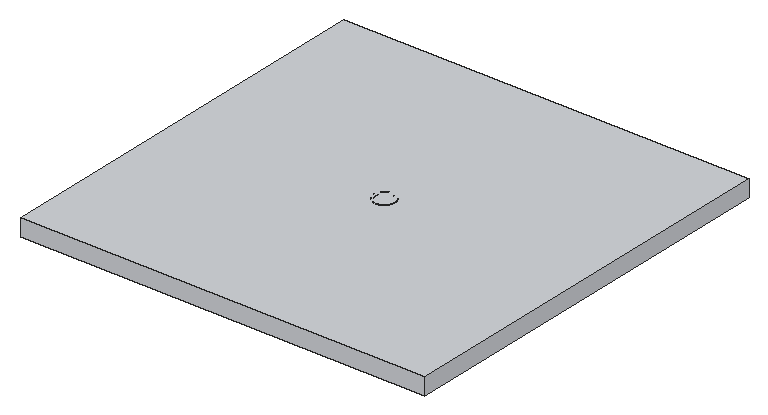
Revit family
Parameters (values of type "2"")
  URL = "WWW.MIFAB.COM"
  Strainer Diameter = 5.00"
  Strainer Adjustment [instance] = 1.91"
  Pipe Radius = Pipe Diameter / 2  # 1.00"
  Pipe Diameter = 2.00"
  Model = "F1160C"
  Material = Floor Drains
  Manufacturer = "MIFAB"
  L1 [instance] = 3.75"
  Description = "PRISON CELL FLOOR DRAIN"
  Default Elevation = 48.00"
  Connector Distance = 6.00"
Types (3): name | Pipe Radius | Pipe Diameter
  (no name) | 1.00" | 2.00"
  2" | 1.00" | 2.00"
  3" | 1.50" | 3.00"
Reference planes (in)
  plane 1 "Center (Front/Back)": y = 0
  plane 2: z = 0
  plane 3 "Center (Left/Right)": x = 0
  plane 4: y = 2.5
  plane 5: y = -2.5
  plane 6: z = -9.50625
  plane 7: z = -5.66
  plane 8: z = -4.66
  plane 9: z = -6.66
  plane 10: x = -2.85
  plane 11: x = 2.85
  plane 12: x = -2.5
  plane 13: x = 2.5
  plane 14: x = -4.025
  plane 15: x = 4.025
  plane 16: x = -3.2625
  plane 17: x = 3.2625
  plane 18: z = -3.5813
  plane 19: x = 6
  plane 20: x = -3.2625
  plane 21: z = -1.90625
  plane 22: z = -1.91
Forms (in)
  Extrusion 1, solid
    sketch origin (0, 0, 0) x (1, 0, 0) y (0, 1, 0)
      loop
        line (-48, 48) -> (-48, -48) -> (48, -48) -> (48, 48) -> (-48, 48)
    from 0 to -4
  Revolve 2, solid, material "Floor Drains" <- "Material"
    sketch origin (0, 0, 0) x (1, 0, 0) y (0, 0, 1)
      loop
        line (-2.7445, -9.50625) -> (0, -9.50625) -> (0, -9.25625) -> (-2.61518, -9.25625) -> (-3.21554, -2.12) -> (-2.37, -2.12) -> (-2.37, -1.91) -> (-4.025, -1.91) -> (-4.025, -2.12) -> (-3.34214, -2.12) -> (-2.85528, -9.40088)
        arc (-2.85528, -9.40088) -> (-2.82095, -9.4757) -> (-2.7445, -9.50625) r 0.11092
      axis (0, -1.91) -> (0, -9.50625)
    angle from 0 to 360
  Revolve 3, solid, material "Floor Drains" <- "Material"
    sketch origin (0, 0, 0) x (1, 0, 0) y (0, 0, 1)
      loop
        line (2.5, -4.66) -> (6, -4.66) -> (6, -4.51) -> (2.5, -4.51) -> (2.5, -4.66)
      axis (2.5, -5.66) -> (6, -5.66)
    angle from 0 to 360
  Revolve 4, solid, material "Floor Drains" <- "Material"
    sketch origin (0, 0, 0) x (1, 0, 0) y (0, 0, 1)
      loop
        line (-4.025, -1.91) -> (-2.37, -1.91) -> (-2.37, -0.5) -> (-2.01441, -0.2947) -> (-2.01441, -0.15138) -> (0, -0.15138) -> (0, 0) -> (-2.5, 0) -> (-2.5, -0.15138) -> (-2.45, -0.15138) -> (-2.45, -1) -> (-2.55, -1) -> (-2.55, -1.67813) -> (-4.025, -1.67813) -> (-4.025, -1.91)
      axis (0, 0) -> (0, -1.91)
    angle from 0 to 360
  Revolve 5, void
    sketch origin (0, 0, 0) x (1, 0, 0) y (0, 0, 1)
      loop
        line (2.5, -5.66) -> (6, -5.66) -> (6, -4.66) -> (2.5, -4.66) -> (2.5, -5.66)
      axis (2.5, -5.66) -> (6, -5.66)
    angle from 0 to 360
Cuts and joins
  Revolve 5 cuts Revolve 2
  joined: Revolve 2, Revolve 3
Dimensions and locks (in)
  equal spacing: plane 4, plane 1 "Center (Front/Back)", plane 5
  equal spacing: plane 8, plane 7, plane 9
  "Pipe Diameter": plane 8 to plane 9
  equal spacing: plane 11, plane 3 "Center (Left/Right)", plane 10
  locked: plane 11 to plane 10 at 5.7
  equal spacing: plane 13, plane 3 "Center (Left/Right)", plane 12
  "Strainer Diameter": plane 13 to plane 12
  equal spacing: plane 14, plane 3 "Center (Left/Right)", plane 15
  locked: plane 14 to plane 15 at 8.05
  equal spacing: plane 14, plane 16, plane 12
  equal spacing: plane 13, plane 17, plane 15
  plane 18 to plane 8 = 1.0787"
  "Connector Distance": plane 19 to plane 3 "Center (Left/Right)"
  equal spacing: plane 14, plane 20, plane 12
  locked: plane 21 to plane 6 at 7.6
  locked: Revolve 4 sketch curve to Revolve 4 sketch curve at 0.23187
  Revolve 4 to cut or joined group of Revolve 2, Revolve 3, Revolve 5 = 0.21"
  Revolve 4 to Revolve 2 sketch curve = 0.21"
  "Strainer Adjustment": Extrusion 1 to plane 22
  "L1": plane 22 to plane 7
  Revolve 3 sketch curve to plane 8 = 0.15"
  plane 3 "Center (Left/Right)" to Revolve 2 sketch curve to Revolve 2 sketch curve to Revolve 2 sketch curve to Revolve 2 sketch curve = 2.37", 0.84554", 0.1266", 0.68286"
  Extrusion 1 to Revolve 4 sketch curve = 1.00"
  Revolve 4 sketch curve to Revolve 4 sketch curve to plane 12 to Revolve 4 sketch curve = 0.43559", 0.05", 0.05"
  aligned and locked: plane 2 to Extrusion 1
  aligned and locked: level to Extrusion 1
  aligned and locked: Revolve 3 sketch curve to plane 19
  aligned and locked: Revolve 3 sketch curve to plane 13
  aligned and locked: Revolve 2 sketch curve to plane 3 "Center (Left/Right)"
  aligned and locked: Revolve 2 sketch curve to Revolve 2 sketch curve  (x2)
  aligned and locked: plane 1 "Center (Front/Back)" to nested 1
  aligned and locked: plane 14 to Revolve 4 sketch curve
  aligned: cut or joined group of Revolve 2, Revolve 3, Revolve 5 to plane 21
  aligned: Revolve 4 to nested 2
  aligned: nested 2 to Revolve 4
  aligned: Revolve 4 to nested 3
  aligned: Revolve 4 to nested 1
  aligned: Revolve 4 to plane 22
  aligned and locked: Revolve 4 sketch curve to plane 22
  aligned and locked: Revolve 4 to plane 22
  aligned and locked: Revolve 2 sketch curve to Revolve 4
  aligned and locked: plane 7 to Revolve 5 sketch curve
  aligned and locked: plane 8 to Revolve 5 sketch curve
  aligned and locked: Revolve 5 sketch curve to plane 13
  aligned and locked: Revolve 5 sketch curve to plane 19
  aligned and locked: plane 12 to Revolve 4 sketch curve
  aligned and locked: Revolve 4 to nested 2
  aligned and locked: Revolve 4 to nested 1
  aligned and locked: Revolve 4 to nested 3
Automatic sketch dimensions
  Extrusion 1 sketch curve to Extrusion 1 sketch curve = 96.00"  (x2)
  Revolve 2 sketch curve to plane 3 "Center (Left/Right)" = 0.00"
  Revolve 2 sketch curve to plane 10 = 0.00528"
  plane 10 to Revolve 2 sketch curve = 0.1055"
  Revolve 2 sketch curve to Revolve 2 sketch curve = 0.12932"
  Revolve 2 sketch curve to plane 6 = 12.94"
  plane 6 to Revolve 2 sketch curve = 0.10537"
  Revolve 2 sketch curve to Revolve 2 sketch curve = 0.25"
  level to Revolve 2 sketch curve = 102.71882"
  Revolve 2 sketch curve to plane 6 = 0.00"
  Revolve 3 sketch curve to plane 7 = 0.00"
  Revolve 3 sketch curve to plane 8 = 0.00"
  plane 14 to Revolve 3 sketch curve = 10.7158"
  plane 19 to Revolve 3 sketch curve = 12.09234"
  Revolve 4 sketch curve to level = 0.00"
  Revolve 4 sketch curve to plane 3 "Center (Left/Right)" = 0.00"  (x2)
  Revolve 4 sketch curve to plane 8 = 0.86851"
  Revolve 4 sketch curve to Revolve 4 sketch curve = 0.50"
  Revolve 4 sketch curve to level = 0.2947"
  Revolve 4 sketch curve to level = 0.15138"
  Revolve 4 sketch curve to Revolve 4 sketch curve = 0.15138"
  level to Revolve 4 sketch curve = 0.50"
  plane 12 to Revolve 4 sketch curve = 0.13"
Nested families (in)
  nested 1: "BOLT" at (-3.15, 0, -1.67813), type "BOLT"
  nested 2: "BOLT" at (1.575, -2.72798, -1.67813) x (-0.5, 0.866, 0) z (0, 0, 1), type "BOLT"
  nested 3: "BOLT" at (1.575, 2.72798, -1.67813) x (-0.5, -0.866, 0) z (0, 0, 1), type "BOLT"
Connectors (in)
  piping at (6, 0, -5.66), driven by "Pipe Radius"
    settings: on cut or joined group of Revolve 2, Revolve 3, Revolve 5, index 1, connector radius 1", flow factor 0, pipe flow 0 GPM, pressure drop 0.00 psi, fitting loss kfactor 0, connector angle 0.00°, fixture units 0, flow configuration 0, flow direction 0, fitting loss method 0, system type 16, connector reference index -1, connector utility 0, adjustable connector no, is connector primary yes, fitting loss table "", connector description ""
Definition of nested family "BOLT"
  Parameters (values of type "BOLT")
    Material = none
    Assembly Code = ""
  Reference planes (in)
    plane 1 "Center (Front/Back)": y = 0
    plane 2: z = 0
    plane 3 "Center (Left/Right)": x = 0
    plane 4: z = 0.28161
    plane 5: z = -0.25
  Forms (in)
    Extrusion 1, solid, material <- "Material"
      sketch origin (0, 0, 0) x (1, 0, 0) y (0, 1, 0)
        loop
          circle (0, 0) r 0.20046
      from -0.93167 to 0
    Extrusion 2, solid, material <- "Material"
      sketch origin (0, 0, 0) x (1, 0, 0) y (0, 1, 0)
        loop
          circle (0, 0) r 0.3
      from 0 to 0.28161
  Dimensions and locks (in)
    level to plane 5 = 0.25"
    aligned and locked: plane 2 to level
    aligned and locked: Extrusion 2 to level
    aligned and locked: level to Extrusion 1
    aligned and locked: plane 4 to Extrusion 2
